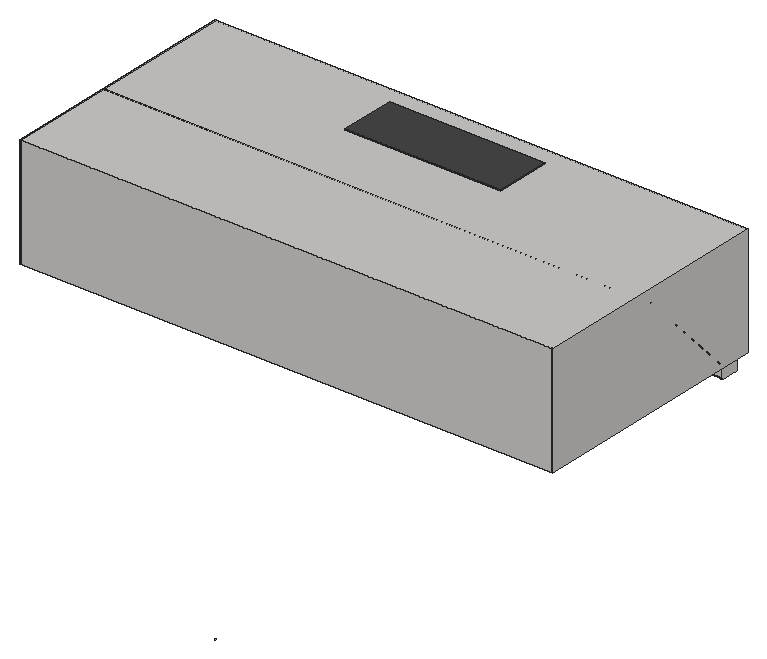
Revit family "QF_ELECTROLUXPROFESSIONAL_642018_EP1124T", category Specialty Equipment, Revit 2014
Reference planes
  plane 1 "Center (Front/Back)": y = 0
  plane 2: z = 0
  plane 3 "Center (Left/Right)": x = 150
  plane 4 "LEFT": x = -1050
  plane 5 "RIGHT": x = 1350
  plane 6 "BACK": y = 550
  plane 7 "FRONT": y = -550
  plane 8 "TOP": z = 2500
  plane 9 "Base": z = 2000
  plane 10: z = 1926
  plane 11 "DrainY": y = 485
  plane 12: x = -1047
  plane 13: through (0, 414.509, 2000.8) normal (0, 0.7314, 0.682)
  plane 14: y = 470
  plane 15: y = 220
  plane 16 "DrainX": x = 1230
  plane 17: x = 500
  plane 18: x = -200
  plane 19: x = 1347
  plane 20: x = 1140
  plane 21: x = 1320
  plane 22: x = -1010
  plane 23: x = -645
  plane 24: x = -450
  plane 25: x = 1310
  plane 26: x = 945
  plane 27: x = 750
  plane 28: x = -47.5
  plane 29: x = 347.5
Forms (mm)
  Extrusion 1, solid, material "QF_Finishes_Stainless Steel"
    sketch origin (-1050, 0, 360) x (0, 1, 0) y (0, 0, 1)
      loop
        line (550, 1640) -> (550, 2140) -> (-550, 2140) -> (-550, 1640) -> (550, 1640)
    from 0 to 3
  Extrusion 2, solid, material "QF_Finishes_Stainless Steel"
    sketch origin (150, 0, 360) x (0, 1, 0) y (0, 0, 1)
      loop
        line (415.255, 1640) -> (550, 1640) -> (550, 2139.19) -> (549.2, 2139.19) -> (549.2, 1640.8) -> (415.876, 1640.8) -> (339.347, 1722.867) -> (349.609, 1732.436) -> (348.927, 1733.167) -> (337.934, 1722.917) -> (415.255, 1640)
      loop
        line (-82.203, 2139.19) -> (-82.203, 2118.6) -> (-31.047, 2118.6) -> (34.354, 2048.466) -> (46.028, 2059.352) -> (45.346, 2060.083) -> (34.403, 2049.879) -> (-30.612, 2119.6) -> (-81.203, 2119.6) -> (-81.203, 2139.19) -> (-82.203, 2139.19)
    from -1197 to 1197
  Extrusion 3, solid, material "QF_Finishes_Stainless Steel"
    sketch origin (1350, 0, 360) x (0, 1, 0) y (0, 0, 1)
      loop
        line (550, 1640) -> (550, 2140) -> (-550, 2140) -> (-550, 1640) -> (550, 1640)
    from 0 to -3
  Extrusion 4, solid, material "QF_Finishes_Stainless Steel"
    sketch origin (150, 0, 360) x (0, 1, 0) y (0, 0, 1)
      loop
        line (-550, 2140) -> (-550, 1640) -> (-549.2, 1640) -> (-549.2, 2139.19) -> (550, 2139.19) -> (550, 2140) -> (-550, 2140)
    from -1200 to 1200
  Extrusion 5, solid, material "QF_Finishes_Stainless Steel"
    sketch origin (150, 0, 360) x (0, 1, 0) y (0, 0, 1)
      loop
        line (534, 1640) -> (436, 1640) -> (436, 1627) -> (443.5, 1627) -> (443.5, 1576)
        arc (443.5, 1576) -> (446.429, 1568.929) -> (453.5, 1566) r 10
        line (453.5, 1566) -> (516.5, 1566)
        arc (516.5, 1566) -> (523.571, 1568.929) -> (526.5, 1576) r 10
        line (526.5, 1576) -> (526.5, 1627) -> (534, 1627) -> (534, 1640)
    from 990 to 1170
  Extrusion 6, solid, material "QF_Finishes_Stainless Steel"
    sketch origin (0, 0, 2000) x (0, 1, 0) y (-1, 0, 0)
      loop
        circle (485, -1230) r 20
    from -76 to -74
  Extrusion 7, solid, material "QF_Finished_Chrome"
    sketch origin (150, 0, 360) x (0, 1, 0) y (0, 0, 1)
      loop
        line (337.934, 1722.917) -> (341.591, 1726.327) -> (38.011, 2051.876) -> (34.354, 2048.466) -> (337.934, 1722.917)
    from -795 to -1160
  Extrusion 8, solid, material "QF_Finished_Chrome"
    sketch origin (150, 0, 360) x (0, 1, 0) y (0, 0, 1)
      loop
        line (337.934, 1722.917) -> (341.591, 1726.327) -> (38.011, 2051.876) -> (34.354, 2048.466) -> (337.934, 1722.917)
    from -197.5 to -600
  Extrusion 9, solid, material "QF_Finishes_Stainless Steel"
    sketch origin (150, 0, 360) x (0, 1, 0) y (0, 0, 1)
      loop
        line (337.934, 1722.917) -> (341.591, 1726.327) -> (38.011, 2051.876) -> (34.354, 2048.466) -> (337.934, 1722.917)
    from 1197 to 1160
  Extrusion 10, solid, material "QF_Finishes_Stainless Steel"
    sketch origin (150, 0, 360) x (0, 1, 0) y (0, 0, 1)
      loop
        line (341.588, 1726.324) -> (38.009, 2051.874) -> (34.354, 2048.466) -> (337.934, 1722.917) -> (341.588, 1726.324)
    from -795 to -600
  Extrusion 11, solid, material "QF_Finished_Chrome"
    sketch origin (150, 0, 360) x (0, 1, 0) y (0, 0, 1)
      loop
        line (341.588, 1726.324) -> (38.009, 2051.874) -> (34.354, 2048.466) -> (337.934, 1722.917) -> (341.588, 1726.324)
    from 795 to 1160
  Extrusion 12, solid, material "QF_Finishes_Black"
    sketch origin (0, 0, 2500) x (0, 1, 0) y (-1, 0, 0)
      loop
        line (470, 200) -> (220, 200) -> (220, -500) -> (470, -500) -> (470, 200)
    from 5 to 0
  Extrusion 13, solid, material "QF_Finishes_Stainless Steel"
    sketch origin (0, 0, 0) x (1, 0, 0) y (0, 1, 0)
      loop
        line (-1050, 550) -> (-1050, 549) -> (-1049, 549) -> (-1049, 550) -> (-1050, 550)
    from 0 to 1
  Extrusion 14, solid, material "QF_Finishes_Stainless Steel"
    sketch origin (150, 0, 360) x (0, 1, 0) y (0, 0, 1)
      loop
        line (337.934, 1722.917) -> (341.591, 1726.327) -> (38.011, 2051.876) -> (34.354, 2048.466) -> (337.934, 1722.917)
    from -1160 to -1197
  Extrusion 15, solid, material "QF_Finishes_Stainless Steel"
    sketch origin (150, 0, 360) x (0, 1, 0) y (0, 0, -1)
      loop
        line (341.588, -1726.324) -> (337.934, -1722.917) -> (34.354, -2048.466) -> (38.009, -2051.874) -> (341.588, -1726.324)
    from -795 to -600
  Extrusion 16, solid, material "QF_Finished_Chrome"
    sketch origin (150, 0, 360) x (0, 1, 0) y (0, 0, 1)
      loop
        line (337.934, 1722.917) -> (341.591, 1726.327) -> (38.011, 2051.876) -> (34.354, 2048.466) -> (337.934, 1722.917)
    from 600 to 197.5
  Extrusion 17, solid, material "QF_Finishes_Stainless Steel"
    sketch origin (150, 0, 360) x (0, 1, 0) y (0, 0, -1)
      loop
        line (341.588, -1726.324) -> (337.934, -1722.917) -> (34.354, -2048.466) -> (38.009, -2051.874) -> (341.588, -1726.324)
    from -197.5 to 197.5
Cuts and joins
  joined: Extrusion 2, Extrusion 4
Lines and regions (mm)
  reference lines
    curve 1: line (150, 34.354, 2408.466) -> (150, 34.354, 2248.466)
  symbolic lines, style "SpecialityEquipment", detail levels coarse
    curve 2: line (1350, 550, 2500) -> (-1050, 550, 2500)
    curve 3: line (-1050, 550, 2500) -> (-1050, -550, 2500)
    curve 4: line (1350, -550, 2500) -> (1350, 550, 2500)
    curve 5: line (-1050, -550, 2500) -> (1350, -550, 2500)
    curve 6: line (-200, 220, 2500) -> (500, 220, 2500)
    curve 7: line (-200, 470, 2500) -> (-200, 220, 2500)
    curve 8: line (500, 470, 2500) -> (-200, 470, 2500)
    curve 9: line (500, 220, 2500) -> (500, 470, 2500)
    curve 10: line (-1050, 550, 0) -> (1350, -550, 0)
    curve 11: line (1350, 550, 0) -> (-1050, -550, 0)
Dimensions and locks
  plane 4 "LEFT" to plane 5 "RIGHT" = 2400 mm
  equal spacing: plane 4 "LEFT", plane 3 "Center (Left/Right)", plane 5 "RIGHT"
  plane 9 "Base" to plane 10 = 74 mm
  plane 6 "BACK" to plane 11 "DrainY" = 65 mm  (x2)
  plane 4 "LEFT" to plane 12 = 3 mm
  plane 6 "BACK" to plane 14 = 80 mm
  plane 14 to plane 15 = 250 mm  (x2)
  plane 16 "DrainX" to plane 5 "RIGHT" = 120 mm
  plane 19 to plane 5 "RIGHT" = 3 mm
  locked: plane 20 to plane 16 "DrainX" at 90
  locked: plane 16 "DrainX" to plane 21 at 90
  plane 6 "BACK" to plane 7 "FRONT" = 1100 mm  (x2)
  equal spacing: plane 6 "BACK", plane 1 "Center (Front/Back)", plane 7 "FRONT"
  plane 15 to plane 7 "FRONT" = 770 mm
  plane 14 to plane 6 "BACK" = 80 mm
  locked: plane 4 "LEFT" to plane 22 at 40
  locked: plane 22 to plane 23 at 365
  locked: plane 23 to plane 24 at 195
  locked: plane 25 to plane 26 at 365
  locked: plane 26 to plane 27 at 195
  locked: plane 25 to plane 5 "RIGHT" at 40
  locked: plane 28 to plane 29 at 395
  equal spacing: plane 28, plane 3 "Center (Left/Right)", plane 29
  locked: plane 18 to plane 17 at 700
  equal spacing: plane 18, plane 3 "Center (Left/Right)", plane 17
  plane 24 to plane 28 = 402.5 mm
  plane 29 to plane 27 = 402.5 mm
  locked: plane 9 "Base" to level at 2000
  locked: plane 8 "TOP" to plane 9 "Base" at 500
  aligned and locked: level to plane 2
  aligned and locked: Extrusion 2 to Extrusion 1
  aligned and locked: Extrusion 2 to Extrusion 3
  aligned and locked: plane 5 "RIGHT" to Extrusion 4
  aligned and locked: Extrusion 4 to plane 4 "LEFT"
  aligned and locked: plane 19 to Extrusion 9
  aligned and locked: plane 18 to Extrusion 12
  aligned and locked: Extrusion 12 to plane 17
  aligned and locked: Extrusion 12 to plane 15
  aligned and locked: Extrusion 12 to plane 14
  aligned and locked: Extrusion 2 to Extrusion 4
  aligned and locked: plane 21 to Extrusion 5
  aligned and locked: Extrusion 5 to plane 20
  aligned and locked: Extrusion 9 to plane 25
  aligned and locked: Extrusion 11 to plane 25
  aligned and locked: Extrusion 11 to plane 26
  aligned and locked: Extrusion 8 to plane 24
  aligned and locked: plane 24 to Extrusion 10
  aligned and locked: Extrusion 10 to plane 23
  aligned and locked: plane 23 to Extrusion 7
  aligned and locked: Extrusion 7 to plane 22
  aligned and locked: Extrusion 14 to plane 12
  aligned and locked: plane 22 to Extrusion 14
  aligned and locked: Extrusion 15 to plane 27
  aligned and locked: Extrusion 15 to plane 26
  aligned and locked: Extrusion 3 to plane 19
  aligned and locked: plane 28 to Extrusion 8
  aligned and locked: Extrusion 16 to plane 27
  aligned and locked: Extrusion 16 to plane 29
  aligned and locked: plane 29 to Extrusion 17
  aligned and locked: Extrusion 17 to plane 28
Automatic sketch dimensions
  curve 5 to plane 4 "LEFT" = 0 mm
  curve 5 to plane 7 "FRONT" = 0 mm
  curve 9 to plane 15 = 0 mm
  plane 14 to curve 8 = 0 mm
  curve 3 to plane 6 "BACK" = 0 mm
  curve 5 to plane 5 "RIGHT" = 0 mm
  curve 6 to plane 17 = 0 mm
  curve 6 to plane 18 = 0 mm
  Extrusion 1 sketch curve to plane 9 "Base" = 0 mm
  Extrusion 1 sketch curve to plane 6 "BACK" = 0 mm
  Extrusion 1 sketch curve to plane 8 "TOP" = 0 mm
  Extrusion 2 sketch curve to plane 13 = 0 mm  (x3)
  Extrusion 2 sketch curve to plane 9 "Base" = 0 mm
  plane 13 to Extrusion 2 sketch curve = 0 mm
  Extrusion 2 sketch curve to plane 6 "BACK" = 0 mm
  Extrusion 2 sketch curve to Extrusion 2 sketch curve = 65.646 mm
  Extrusion 2 sketch curve to Extrusion 2 sketch curve = 0.682 mm  (x2)
  Extrusion 2 sketch curve to Extrusion 2 sketch curve = 10.261 mm
  plane 9 "Base" to Extrusion 2 sketch curve = 82.917 mm
  Extrusion 2 sketch curve to plane 1 "Center (Front/Back)" = 46.028 mm
  Extrusion 2 sketch curve to Extrusion 2 sketch curve = 10.942 mm
  Extrusion 2 sketch curve to Extrusion 2 sketch curve = 0.049 mm
  Extrusion 2 sketch curve to plane 8 "TOP" = 20.4 mm
  Extrusion 2 sketch curve to plane 8 "TOP" = 21.4 mm
  Extrusion 2 sketch curve to plane 8 "TOP" = 0.81 mm  (x2)
  Extrusion 2 sketch curve to Extrusion 2 sketch curve = 50.156 mm
  Extrusion 2 sketch curve to Extrusion 2 sketch curve = 1 mm
  plane 9 "Base" to Extrusion 2 sketch curve = 0.8 mm
  Extrusion 2 sketch curve to plane 6 "BACK" = 0.8 mm
  Extrusion 3 sketch curve to plane 9 "Base" = 0 mm
  Extrusion 3 sketch curve to plane 6 "BACK" = 0 mm
  Extrusion 3 sketch curve to plane 8 "TOP" = 0 mm
  Extrusion 4 sketch curve to plane 7 "FRONT" = 0 mm
  Extrusion 4 sketch curve to plane 6 "BACK" = 0 mm
  Extrusion 4 sketch curve to plane 8 "TOP" = 0 mm
  plane 7 "FRONT" to Extrusion 4 sketch curve = 0.8 mm
  Extrusion 4 sketch curve to plane 8 "TOP" = 0.81 mm
  curve 1 to plane 13 = 0 mm
  curve 1 to plane 1 "Center (Front/Back)" = 34.354 mm
  Extrusion 5 sketch curve to plane 9 "Base" = 0 mm
  Extrusion 5 sketch curve to plane 10 = 0 mm
  Extrusion 5 sketch curve to plane 9 "Base" = 13 mm  (x2)
  plane 14 to Extrusion 5 sketch curve = 34 mm
  Extrusion 5 sketch curve to Extrusion 5 sketch curve = 7.5 mm  (x2)
  Extrusion 5 sketch curve to Extrusion 5 sketch curve = 10 mm
  plane 11 "DrainY" to Extrusion 5 sketch curve = 31.5 mm
  Extrusion 5 sketch curve to plane 6 "BACK" = 23.5 mm
  Extrusion 6 sketch curve to plane 11 "DrainY" = 0 mm
  Extrusion 6 sketch curve to plane 16 "DrainX" = 0 mm
  Extrusion 7 sketch curve to plane 13 = 0 mm  (x2)
  Extrusion 7 sketch curve to plane 1 "Center (Front/Back)" = 34.354 mm
  Extrusion 7 sketch curve to Extrusion 7 sketch curve = 3.657 mm
  plane 9 "Base" to Extrusion 7 sketch curve = 82.917 mm
  Extrusion 8 sketch curve to plane 13 = 0 mm  (x2)
  Extrusion 8 sketch curve to plane 1 "Center (Front/Back)" = 34.354 mm
  Extrusion 8 sketch curve to Extrusion 8 sketch curve = 3.657 mm
  plane 9 "Base" to Extrusion 8 sketch curve = 82.917 mm
  Extrusion 9 sketch curve to plane 13 = 0 mm  (x2)
  Extrusion 9 sketch curve to plane 1 "Center (Front/Back)" = 34.354 mm
  Extrusion 9 sketch curve to Extrusion 9 sketch curve = 3.657 mm
  plane 9 "Base" to Extrusion 9 sketch curve = 82.917 mm
  Extrusion 10 sketch curve to plane 13 = 0 mm  (x2)
  Extrusion 10 sketch curve to plane 1 "Center (Front/Back)" = 34.354 mm
  Extrusion 10 sketch curve to Extrusion 10 sketch curve = 3.655 mm
  plane 9 "Base" to Extrusion 10 sketch curve = 82.917 mm
  Extrusion 11 sketch curve to plane 13 = 0 mm  (x2)
  Extrusion 11 sketch curve to plane 1 "Center (Front/Back)" = 34.354 mm
  Extrusion 11 sketch curve to Extrusion 11 sketch curve = 3.655 mm
  plane 9 "Base" to Extrusion 11 sketch curve = 82.917 mm
  Extrusion 12 sketch curve to plane 15 = 0 mm
  plane 14 to Extrusion 12 sketch curve = 0 mm
  Extrusion 12 sketch curve to plane 17 = 0 mm
  Extrusion 12 sketch curve to plane 18 = 0 mm
  Extrusion 13 sketch curve to plane 4 "LEFT" = 0 mm
  Extrusion 13 sketch curve to plane 6 "BACK" = 0 mm
  plane 4 "LEFT" to Extrusion 13 sketch curve = 1 mm
  Extrusion 13 sketch curve to Extrusion 13 sketch curve = 1 mm
  Extrusion 14 sketch curve to plane 13 = 0 mm  (x2)
  Extrusion 14 sketch curve to plane 1 "Center (Front/Back)" = 34.354 mm
  Extrusion 14 sketch curve to Extrusion 14 sketch curve = 3.657 mm
  plane 9 "Base" to Extrusion 14 sketch curve = 82.917 mm
  Extrusion 15 sketch curve to plane 13 = 0 mm  (x2)
  Extrusion 15 sketch curve to plane 1 "Center (Front/Back)" = 34.354 mm
  Extrusion 15 sketch curve to Extrusion 15 sketch curve = 3.655 mm
  plane 9 "Base" to Extrusion 15 sketch curve = 82.917 mm
  Extrusion 16 sketch curve to plane 13 = 0 mm  (x2)
  Extrusion 16 sketch curve to plane 1 "Center (Front/Back)" = 34.354 mm
  Extrusion 16 sketch curve to Extrusion 16 sketch curve = 3.657 mm
  plane 9 "Base" to Extrusion 16 sketch curve = 82.917 mm
  Extrusion 17 sketch curve to plane 13 = 0 mm  (x2)
  Extrusion 17 sketch curve to plane 1 "Center (Front/Back)" = 34.354 mm
  Extrusion 17 sketch curve to Extrusion 17 sketch curve = 3.655 mm
  plane 9 "Base" to Extrusion 17 sketch curve = 82.917 mm
  Extrusion 4 sketch curve to Extrusion 4 sketch curve = 499.19 mm
  curve 1 to curve 1 = 160 mm
  Extrusion 1 sketch curve to plane 7 "FRONT" = 0 mm
  Extrusion 3 sketch curve to plane 7 "FRONT" = 0 mm
  curve 11 to plane 4 "LEFT" = 0 mm
  curve 10 to plane 4 "LEFT" = 0 mm
  curve 11 to plane 5 "RIGHT" = 0 mm
  curve 10 to plane 5 "RIGHT" = 0 mm
  curve 10 to plane 7 "FRONT" = 0 mm
  curve 11 to plane 7 "FRONT" = 0 mm
  curve 11 to plane 6 "BACK" = 0 mm
  curve 10 to plane 6 "BACK" = 0 mm
  radius of Extrusion 6 sketch curve = 20 mm
Connectors
  piping at (1230, 485, 1924), diameter 20
    settings: on Extrusion 6, index 1, connector inside diameter 609.6 mm, connector length 0 mm, flow factor 0, pipe flow 0.0 L/s, pressure drop 0.0 Pa, fitting loss kfactor 0, connector angle 0.00°, fixture units 0, engagement length 0 mm, angle of deflection 0.00°, flow configuration 1, flow direction 2, fitting loss method 0, system type 16, joint type 0, gender type 0, connector reference index -1, connector utility 0, adjustable connector no, is connector primary yes, connector description "Drain"
  hvac at (150, 345, 2505)
    settings: on Extrusion 12, index 2, duct flow 0.0 L/s, flow factor 0, pres drop 0.0 Pa, loss coef 0, conn angle 0.00°, conn width 250 mm, conn height 700 mm, conn diameter 609.6 mm, duct sys type 3, conn prof type 1, flow config 1, flow direction 0, loss method 0, conn ref index -1, conn util no, is conn primary yes, conn desc "EXHAUST OUTLET"
